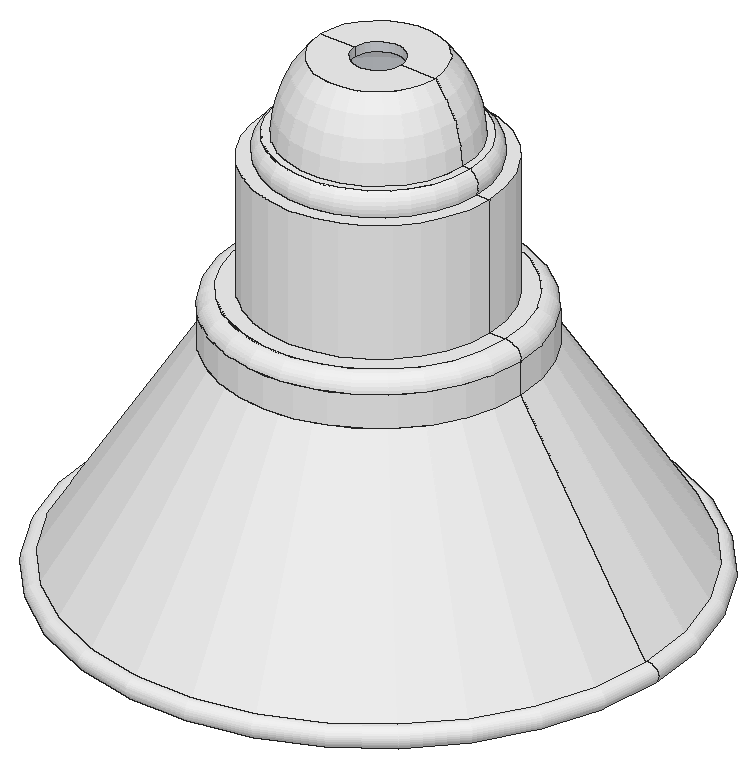
Revit family "CS06 SHADE", category Lighting Fixtures, Revit 2024
Family settings
  Round Connector Dimension = Use Diameter
  Part Type = Normal
  OmniClass Number = 23.80.70.00
  OmniClass Title = Lighting
  Work Plane-Based = No
  Always vertical = Yes
  Cut with Voids When Loaded = No
  Light Source = Yes
  Maintain Annotation Orientation = No
  Shared = No
  Room Calculation Point = No
Parameters
  Wattage = 12.1178 W
  built-in parameter 1150110 = 1 (stored number, unit not read)
  built-in parameter 1114217 = 1 (stored number, unit not read)
  built-in parameter 1150109 = 1 (stored number, unit not read)
  built-in parameter 1150134 = (empty or 0)
  built-in parameter 1150113 = 1 (stored number, unit not read)
  Lumens = 1800 lm
  built-in parameter 1150115 = 1 (stored number, unit not read)
  built-in parameter 1150105 = 572.96 (stored number, unit not read)
  Light Source Symbol Size = 2' - 0"
  built-in parameter 1150137 = (empty or 0)
  built-in parameter 1150139 = (empty or 0)
  built-in parameter 1150112 = 1 (stored number, unit not read)
  built-in parameter 1150114 = 1 (stored number, unit not read)
  built-in parameter 1150132 = 2
  built-in parameter 1150102 = (empty or 0)
  built-in parameter 1150138 = (empty or 0)
  built-in parameter 1150107 = 3000 (stored number, unit not read)
  built-in parameter 1150106 = 5.7296 (stored number, unit not read)
  built-in parameter 1150104 = 13.8 (stored number, unit not read)
  Dimming Lamp Color Temperature Shift = (empty or 0)
  Default Elevation = 0' - 0"
  Color Filter = 16777215
  built-in parameter 1114218 = 1 (stored number, unit not read)
  built-in parameter 1150133 = 10 (stored number, unit not read)
Reference planes (in)
  plane 1 "Light Source Axis (F/B)": y = 0
  plane 2: z = 0
  plane 3 "Light Source Axis (L/R)": x = 0
  plane 4 "Light Source Elevation": z = 84
Forms (in)
  Revolve 1, solid
    sketch origin (0, 0, 0) x (1, 0, 0) y (0, 0, 1)
      loop
        line (-0.25, 89) -> (-0.61177, 89)
        arc (-0.61177, 89) -> (-0.8284, 88.65857) -> (-0.90974, 88.26248) r 1.12056
        line (-0.90974, 88.26248) -> (-0.98707, 88.26248)
        arc (-0.98707, 88.26248) -> (-1.059, 88.16514) -> (-1.05803, 88.04411) r 0.19109
        line (-1.05803, 88.04411) -> (-1.19594, 88.04411) -> (-1.19594, 86.76472) -> (-1.3689, 86.76472)
        arc (-1.3689, 86.76472) -> (-1.48031, 86.71857) -> (-1.52646, 86.60715) r 0.15757
        line (-1.52646, 86.60715) -> (-1.52646, 86.28421) -> (-2.86921, 84.2)
        arc (-2.86921, 84.2) -> (-2.96819, 84.02855) -> (-2.80043, 84.13366) r 0.102
        line (-2.80043, 84.13366) -> (-1.43271, 86.25662) -> (-1.43271, 86.60715)
        arc (-1.43271, 86.60715) -> (-1.41402, 86.65227) -> (-1.3689, 86.67097) r 0.06382
        line (-1.3689, 86.67097) -> (-1.10219, 86.67097) -> (-1.10219, 87.95036) -> (-0.92678, 87.95036) -> (-0.92678, 88.02228)
        arc (-0.92678, 88.02228) -> (-0.97322, 88.08971) -> (-0.95177, 88.16873) r 0.09734
        line (-0.95177, 88.16873) -> (-0.81385, 88.16873)
        arc (-0.81385, 88.16873) -> (-0.76423, 88.56147) -> (-0.56972, 88.90625) r 1.02681
        line (-0.56972, 88.90625) -> (-0.25, 88.90625) -> (-0.25, 89)
      axis (0, 89) -> (0, 84.13366)
    angle from 0 to 360
Dimensions and locks (in)
  aligned and locked: plane 3 "Light Source Axis (L/R)" to imposter light
  aligned and locked: plane 1 "Light Source Axis (F/B)" to imposter light
  aligned and locked: plane 4 "Light Source Elevation" to imposter light
  aligned and locked: level to plane 2
